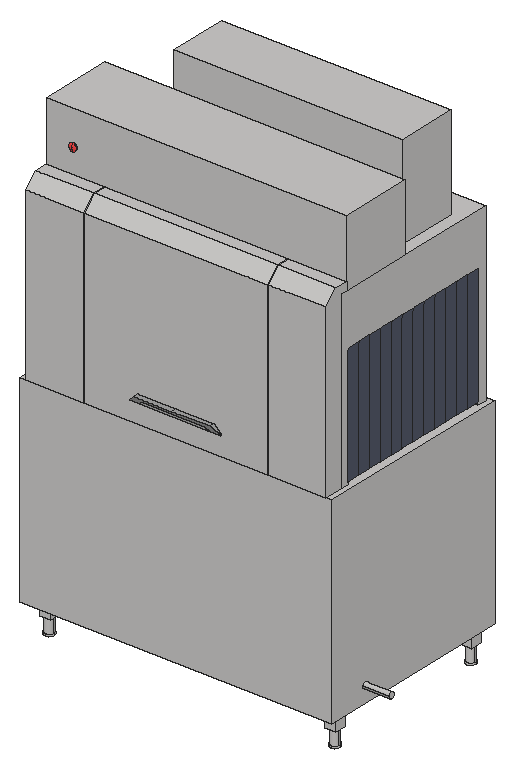
Revit family "QF_ELECTROLUXPROFESSIONAL_520427_ESR20ER3", category Specialty Equipment, Revit 2018
Family settings
  Round Connector Dimension = Use Diameter
  Part Type = Normal
  Work Plane-Based = No
  Always vertical = Yes
  Cut with Voids When Loaded = No
  Shared = No
  Room Calculation Point = No
Parameters
  Weight = 258.00 kg
  Watts = 0 W
  Volts = 0 V
  URL Manufacturer = ""
  URL = ""
  Steam Supply Size = 0 mm
  Steam Supply Minimum Pressure = 0.0 Pa
  Steam Supply Maximum Pressure = 0.0 Pa
  Steam Pounds per Hour = 0
  Show Clearance [instance] = yes
  Refrigeration Suction Line Size = 0 mm
  Refrigeration Liquid Line Size = 0 mm
  Refrigerant Compressor Remote = yes
  Manufacturer = ""
  Phase = 0
  Model = ""
  Length Actual = 1148 mm  # constant formula
  L_R [instance] = yes
  Item Number = ""
  Hot Water Size = 0 mm
  Height Actual = 1846 mm  # constant formula
  HP = "67.7 HP"
  Gas Size = 0 mm
  Gas KW = 0
  Gas Input Pressure = 0 W
  Direct Waste Size = 50.8 mm
  Description = ""
  Depth Actual = 800 mm  # constant formula
  Cycle = 0 Hz
  Condensate Return Size = 0 mm
  Compressed Air Volume = 0.0 L/s
  Compressed Air Size = 0 mm
  Compressed Air Pressure = 0.0 Pa
  Cold Water Size = 0 mm
  Accessory = yes
Types (2, lengths in mm): name | Volts | URL Manufacturer | URL | Manufacturer | Phase | Model | Item Number | Description | Cycle
  (no name) | 0 V | "" | "" | "" | 0 | "" | "" | "" | 0 Hz
  Standard | 220 V | "http://professional.electrolux.com" | "http://professional.electrolux.com" | "Electrolux Professional" | 3 | "ESR20ER3" | "520427" | "SINGLE RINSE RACK TYPE DISHWASHER,200 RACKS/HOUR,ELECTRIC,R>L,220-240V/60HZ/3" | 60 Hz
Reference planes
  plane 1 "Centro (Fronte/Retro)": y = 0
  plane 2: z = 0
  plane 3 "Centro (Sinistra/Destra)": x = 0
  plane 4 "LEFT": x = -574
  plane 5 "RIGHT": x = 574
  plane 6 "BACK": y = 384
  plane 7 "FRONT": y = -384
  plane 8: z = 120
  plane 9: z = 1747
  plane 10: z = 858
  plane 11: z = 1501
  plane 12: z = 1846
  plane 13: x = -526
  plane 14: x = 526
  plane 15: y = -290
  plane 16: y = 336
  plane 17: y = 369
  plane 18: x = -553
  plane 19: x = 553
  plane 20: y = -318
  plane 21: x = -338
  plane 22: x = 338
  plane 23: z = 1308
  plane 24: z = 2000
  plane 25: y = 464
Forms (mm)
  Extrusion 1, solid, material "QF_Finishes_Stainless Steel"
    sketch origin (0, 0, 0) x (1, 0, 0) y (0, 1, 0)
      loop
        line (-574, 384) -> (-574, -364) -> (574, -364) -> (574, 384) -> (-574, 384)
    from 120 to 858
  Extrusion 2, solid, material "QF_Finishes_Stainless Steel"
    sketch origin (0, 0, 0) x (1, 0, 0) y (0, 1, 0)
      loop
        line (-553, 369) -> (-553, -298) -> (553, -298) -> (553, 369) -> (-553, 369)
    from 858 to 1501
  Extrusion 3, solid, material "QF_Finishes_Stainless Steel"
    sketch origin (0, 20, 0) x (0, 1, 0) y (0, 0, 1)
      loop
        line (-384, 858) -> (-318, 858) -> (-318, 1501) -> (-290, 1501) -> (-290, 1531) -> (-340, 1531) -> (-384, 1487) -> (-384, 858)
    from -553 to -338
  Extrusion 4, solid, material "QF_Finishes_Stainless Steel"
    sketch origin (500, 20, 0) x (0, 1, 0) y (0, 0, 1)
      loop
        line (-384, 858) -> (-318, 858) -> (-318, 1501) -> (-290, 1501) -> (-290, 1531) -> (-340, 1531) -> (-384, 1487) -> (-384, 858)
    from -162 to 53
  Extrusion 5, solid, material "QF_Finishes_Stainless Steel"
    sketch origin (540, 20, 0) x (0, 1, 0) y (0, 0, 1)
      loop
        line (-384, 858) -> (-318, 858) -> (-318, 1501) -> (-290, 1501) -> (-290, 1531) -> (-340, 1531) -> (-384, 1487) -> (-384, 858)
    from -878 to -202
  Extrusion 6, solid, material "QF_Finishes_Gray"
    sketch origin (540, -364, 858) x (0, 0, 1) y (-1, 0, 0)
      loop
        line (100, 540) -> (100, 680) -> (71.716, 708.284) -> (71.716, 371.716) -> (100, 400) -> (100, 540)
    from 0 to 20
  Extrusion 7, void
    sketch origin (540, -384, 858) x (0, 0, -1) y (-1, 0, 0)
      loop
        line (-71.716, 670) -> (-85.858, 655.858) -> (-85.858, 540) -> (-85.858, 424.142) -> (-71.716, 410) -> (-71.716, 670)
    from 0 to 15.552
  Extrusion 8, void
    sketch origin (0, 0, 0) x (0, 1, 0) y (0, 0, 1)
      loop
        line (-368.448, 929.716) -> (-384, 958) -> (-384, 929.716) -> (-368.448, 929.716)
    from -266.002 to 250
  Extrusion 9, solid, material "QF_Finishes_Stainless Steel"
    sketch origin (0, 0, 0) x (1, 0, 0) y (0, 1, 0)
      loop
        line (-553, -270) -> (553, -270) -> (553, 0) -> (-553, 0) -> (-553, -270)
    from 1501 to 1747
  Revolve 10, solid, material "QF_Finishes_Red"
    sketch origin (-450, 0, 0) x (0, 1, 0) y (0, 0, 1)
      loop
        line (-270, 1624.5) -> (-270, 1629.5) -> (-275.578, 1629.5) -> (-275.578, 1638.673) -> (-276.708, 1638.673)
        arc (-276.708, 1638.673) -> (-279.647, 1631.859) -> (-280.606, 1624.5) r 26.817
        line (-280.606, 1624.5) -> (-270, 1624.5)
      axis (-270, 1624.5) -> (-280.606, 1624.5)
    angle from 0 to 360
  Extrusion 11, solid, material "QF_Finishes_Stainless Steel"
    sketch origin (0, 0, 0) x (1, 0, 0) y (0, 1, 0)
      loop
        line (509, 42) -> (509, 265) -> (-334, 265) -> (-334, 42) -> (509, 42)
    from 1501 to 1846
  Extrusion 12, void
    sketch origin (-553, -318, 0) x (0, -1, 0) y (0, 0, -1)
      loop
        line (-654, -1308) -> (-53, -1308) -> (-53, -858) -> (-654, -858) -> (-654, -1308)
    from 0 to 1106
  Extrusion 13, solid, material "QF_Finishes_Navy Blue"
    sketch origin (-553, -318, 0) x (0, 1, 0) y (0, 0, -1)
      loop
        line (653, -1308) -> (653, -868) -> (604, -868) -> (604, -1308) -> (653, -1308)
      loop
        line (53, -1308) -> (102, -1308) -> (102, -868) -> (53, -868) -> (53, -1308)
      loop
        line (602, -868) -> (554, -868) -> (554, -1308) -> (602, -1308) -> (602, -868)
      loop
        line (552, -868) -> (504, -868) -> (504, -1308) -> (552, -1308) -> (552, -868)
      loop
        line (502, -868) -> (454, -868) -> (454, -1308) -> (502, -1308) -> (502, -868)
      loop
        line (452, -868) -> (404, -868) -> (404, -1308) -> (452, -1308) -> (452, -868)
      loop
        line (402, -868) -> (354, -868) -> (354, -1308) -> (402, -1308) -> (402, -868)
      loop
        line (352, -868) -> (304, -868) -> (304, -1308) -> (352, -1308) -> (352, -868)
      loop
        line (302, -868) -> (254, -868) -> (254, -1308) -> (302, -1308) -> (302, -868)
      loop
        line (252, -868) -> (204, -868) -> (204, -1308) -> (252, -1308) -> (252, -868)
      loop
        line (202, -868) -> (154, -868) -> (154, -1308) -> (202, -1308) -> (202, -868)
      loop
        line (152, -868) -> (104, -868) -> (104, -1308) -> (152, -1308) -> (152, -868)
    from 0 to -3
  Extrusion 14, solid, material "QF_Finishes_Navy Blue"
    sketch origin (553, -318, 0) x (0, 1, 0) y (0, 0, 1)
      loop
        line (653, 1308) -> (604, 1308) -> (604, 868) -> (653, 868) -> (653, 1308)
      loop
        line (53, 1308) -> (53, 868) -> (102, 868) -> (102, 1308) -> (53, 1308)
      loop
        line (602, 868) -> (602, 1308) -> (554, 1308) -> (554, 868) -> (602, 868)
      loop
        line (552, 868) -> (552, 1308) -> (504, 1308) -> (504, 868) -> (552, 868)
      loop
        line (502, 868) -> (502, 1308) -> (454, 1308) -> (454, 868) -> (502, 868)
      loop
        line (452, 868) -> (452, 1308) -> (404, 1308) -> (404, 868) -> (452, 868)
      loop
        line (402, 868) -> (402, 1308) -> (354, 1308) -> (354, 868) -> (402, 868)
      loop
        line (352, 868) -> (352, 1308) -> (304, 1308) -> (304, 868) -> (352, 868)
      loop
        line (302, 868) -> (302, 1308) -> (254, 1308) -> (254, 868) -> (302, 868)
      loop
        line (252, 868) -> (252, 1308) -> (204, 1308) -> (204, 868) -> (252, 868)
      loop
        line (202, 868) -> (202, 1308) -> (154, 1308) -> (154, 868) -> (202, 868)
      loop
        line (152, 868) -> (152, 1308) -> (104, 1308) -> (104, 868) -> (152, 868)
    from 0 to -3
  Extrusion 15, solid, material "QF_Door-Drawer Clearances", visible <- "Show Clearance", detail levels coarse
    sketch origin (453, -119.301, 494.86) x (0, 1, 0) y (0, 0, 1)
      loop
        line (-178.699, 1036.14) -> (-178.699, 1475.14) -> (-150.699, 1475.14) -> (-150.699, 1505.14) -> (-200.699, 1505.14) -> (-244.699, 1461.14) -> (-244.699, 992.14) -> (-200.699, 1036.14) -> (-178.699, 1036.14)
    from -791 to -115
  Extrusion 16, solid, material "QF_Clearance", visible <- "Show Clearance", detail levels coarse
    sketch origin (0, 0, 0) x (1, 0, 0) y (0, 1, 0)
      loop
        line (-574, 384) -> (574, 384) -> (574, 464) -> (-574, 464) -> (-574, 384)
    from 0 to 1846
  Extrusion 17, solid, material "QF_Finishes_Stainless Steel"
    sketch origin (-553, -318, 0) x (0, 1, 0) y (0, 0, -1)
      loop
        circle (104, -183) r 10
    from 21 to 121
  Extrusion 18, solid, material "QF_Finishes_Stainless Steel"
    sketch origin (553, -318, 0) x (0, 1, 0) y (0, 0, 1)
      loop
        circle (104, 183) r 10
    from 21 to 121
  Extrusion 19, solid, material "QF_Finishes_Stainless Steel"
    sketch origin (487.887, 0, -4.4) x (-1, 0, 0) y (0, 0, 1)
      loop
        circle (943.887, 1646.362) r 10
    from 0 to 35
  Extrusion 20, solid, material "QF_Finishes_Stainless Steel"
    sketch origin (-335, 265, 6.038) x (1, 0, 0) y (0, 0, -1)
      loop
        circle (204, -1740.962) r 10
    from 0 to 10
Cuts and joins
  Extrusion 7, Extrusion 12 cuts Extrusion 2
  Extrusion 7 cuts Extrusion 5
  Extrusion 7, Extrusion 8 cuts Extrusion 6
  Extrusion 12 cuts Extrusion 1
Lines and regions (mm)
  Split face 1
    outline origin (-553, -270, 0) x (1, 0, 0) y (0, 0, 1)
      loop
        line (215, 1501) -> (215, 1747)
      loop
        line (891, 1501) -> (891, 1747)
  Split face 2
    outline origin (-553, -270, 0) x (1, 0, 0) y (0, 0, 1)
      loop
        line (215, 1651) -> (310, 1651) -> (348.837, 1604.716) -> (553, 1604.716) -> (757.163, 1604.716) -> (796, 1651) -> (891, 1651)
  Split face 3
    outline origin (-553, -270, 0) x (1, 0, 0) y (0, 0, 1)
      loop
        line (482.982, 1651) -> (482.982, 1631) -> (512.982, 1631) -> (512.982, 1651) -> (482.982, 1651)
  Split face 4
    outline origin (553, -270, 0) x (-1, 0, 0) y (0, 0, -1)
      loop
        line (455.982, -1651) -> (485.982, -1651) -> (485.982, -1631) -> (455.982, -1631) -> (455.982, -1651)
  symbolic lines
    curve 1: line (-334, 265, 0) -> (509, 265, 0)
    curve 2: line (-334, 42, 0) -> (-334, 265, 0)
    curve 3: line (509, 42, 0) -> (-334, 42, 0)
    curve 4: line (509, 265, 0) -> (509, 42, 0)
    curve 5: line (-574, 384, 0) -> (574, 384, 0)
    curve 6: line (574, 384, 0) -> (574, -364, 0)
    curve 7: line (574, -364, 0) -> (-574, -364, 0)
    curve 8: line (-574, -364, 0) -> (-574, 384, 0)
    curve 9: line (-553, -364, 0) -> (-553, 369, 0)
    curve 10: line (-553, 369, 0) -> (553, 369, 0)
    curve 11: line (553, 369, 0) -> (553, -364, 0)
    curve 12: line (553, -320, 0) -> (-553, -320, 0)
    curve 13: line (-338, -364, 0) -> (-338, -270, 0)
    curve 14: line (-553, -270, 0) -> (553, -270, 0)
    curve 15: line (338, -364, 0) -> (338, -270, 0)
    curve 16: line (526, 0, 0) -> (-553, 0, 0)
    curve 23: line (-168.284, -364, 0) -> (-168.284, -368.448, 0)
    curve 24: line (-168.284, -368.448, 0) -> (-140, -384, 0)
    curve 25: line (-140, -384, 0) -> (140, -384, 0)
    curve 26: line (140, -384, 0) -> (168.284, -368.448, 0)
    curve 27: line (168.284, -368.448, 0) -> (168.284, -364, 0)
  symbolic lines, style "QF_Clearances"
    curve 17: line (-574, 384, 0) -> (-574, 464, 0)
    curve 18: line (-574, 464, 0) -> (574, 464, 0)
    curve 19: line (574, 384, 0) -> (574, 464, 0)
  symbolic lines, style "SpecialityEquipment"
    curve 20: line (-100, 129, 0) -> (100, 129, 0)
  symbolic lines, style "SpecialityEquipment", visible <- "L_R"
    curve 21: line (-100, 129, 0) -> (-50.207, 87.219, 0)
    curve 22: line (-100, 129, 0) -> (-50.207, 170.781, 0)
Dimensions and locks
  equal spacing: plane 4 "LEFT", plane 3 "Centro (Sinistra/Destra)", plane 5 "RIGHT"
  plane 4 "LEFT" to plane 5 "RIGHT" = 1148 mm
  equal spacing: plane 6 "BACK", plane 1 "Centro (Fronte/Retro)", plane 7 "FRONT"
  plane 6 "BACK" to plane 7 "FRONT" = 768 mm
  plane 12 to plane 9 to plane 11 to plane 10 to plane 8 to plane 2 = 99 mm, 246 mm, 643 mm, 738 mm, 120 mm
  plane 12 to plane 2 = 1846 mm
  locked: plane 4 "LEFT" to plane 13 at 48
  locked: plane 14 to plane 5 "RIGHT" at 48
  locked: plane 6 "BACK" to plane 16 at 48
  locked: plane 15 to plane 7 "FRONT" at 94
  locked: plane 6 "BACK" to plane 17 at 15
  locked: plane 4 "LEFT" to plane 18 at 21
  locked: plane 19 to plane 5 "RIGHT" at 21
  locked: plane 20 to plane 7 "FRONT" at 66
  locked: plane 21 to plane 18 at 215
  locked: plane 19 to plane 22 at 215
  locked: plane 23 to plane 10 at 450
  plane 24 to plane 2 = 2000 mm
  locked: plane 6 "BACK" to plane 25 at 80
  plane 9 to plane 2 = 1747 mm
  aligned and locked: level to plane 2
  aligned and locked: plane 13 to nested 1
  aligned and locked: nested 1 to plane 15
  aligned and locked: nested 2 to plane 16
  aligned and locked: plane 14 to nested 3
  aligned and locked: nested 4 to plane 16
  aligned and locked: plane 14 to nested 4
  aligned and locked: Extrusion 1 sketch curve to plane 6 "BACK"
  aligned and locked: plane 4 "LEFT" to Extrusion 1 sketch curve
  aligned and locked: Extrusion 1 sketch curve to plane 5 "RIGHT"
  aligned and locked: plane 18 to Extrusion 2 sketch curve
  aligned and locked: Extrusion 2 sketch curve to plane 19
  aligned and locked: Extrusion 2 sketch curve to plane 17
  aligned and locked: Extrusion 3 to plane 18
  aligned and locked: plane 21 to Extrusion 3
  aligned and locked: plane 19 to Extrusion 4
  aligned and locked: Extrusion 4 to plane 22
  aligned and locked: Extrusion 5 to plane 21
  aligned and locked: plane 22 to Extrusion 5
  aligned and locked: Extrusion 2 to Extrusion 3
  aligned and locked: Extrusion 1 to Extrusion 3
  aligned and locked: Extrusion 9 sketch curve to Extrusion 3
  aligned and locked: Extrusion 9 sketch curve to plane 18
  aligned and locked: Extrusion 9 sketch curve to plane 1 "Centro (Fronte/Retro)"
  aligned and locked: plane 19 to Extrusion 12
  aligned and locked: plane 4 "LEFT" to Extrusion 17
  aligned and locked: plane 19 to Extrusion 9
  aligned and locked: Extrusion 16 to plane 25
  aligned and locked: plane 9 to Extrusion 9
Automatic sketch dimensions
  plane 7 "FRONT" to Extrusion 1 sketch curve = 20 mm
  Extrusion 2 sketch curve to plane 15 = 8 mm
  Extrusion 3 sketch curve to plane 10 = 0 mm
  Extrusion 3 sketch curve to plane 11 = 0 mm
  plane 7 "FRONT" to Extrusion 3 sketch curve = 20 mm
  Extrusion 3 sketch curve to plane 20 = 2 mm
  Extrusion 3 sketch curve to plane 15 = 8 mm
  plane 15 to Extrusion 3 sketch curve = 20 mm
  Extrusion 3 sketch curve to plane 11 = 14 mm
  plane 11 to Extrusion 3 sketch curve = 30 mm
  Extrusion 4 sketch curve to plane 10 = 0 mm
  Extrusion 4 sketch curve to plane 11 = 0 mm
  plane 7 "FRONT" to Extrusion 4 sketch curve = 20 mm
  Extrusion 4 sketch curve to plane 20 = 2 mm
  Extrusion 4 sketch curve to plane 15 = 8 mm
  plane 15 to Extrusion 4 sketch curve = 20 mm
  Extrusion 4 sketch curve to plane 11 = 14 mm
  plane 11 to Extrusion 4 sketch curve = 30 mm
  Extrusion 5 sketch curve to plane 10 = 0 mm
  Extrusion 5 sketch curve to plane 11 = 0 mm
  plane 7 "FRONT" to Extrusion 5 sketch curve = 20 mm
  Extrusion 5 sketch curve to plane 20 = 2 mm
  Extrusion 5 sketch curve to plane 15 = 8 mm
  plane 15 to Extrusion 5 sketch curve = 20 mm
  Extrusion 5 sketch curve to plane 11 = 14 mm
  plane 11 to Extrusion 5 sketch curve = 30 mm
  Extrusion 6 sketch curve to plane 3 "Centro (Sinistra/Destra)" = 0 mm
  plane 10 to Extrusion 6 sketch curve = 71.716 mm
  Extrusion 6 sketch curve to Extrusion 6 sketch curve = 28.284 mm  (x3)
  plane 3 "Centro (Sinistra/Destra)" to Extrusion 6 sketch curve = 140 mm
  Extrusion 6 sketch curve to Extrusion 6 sketch curve = 140 mm
  Extrusion 7 sketch curve to Extrusion 6 = 0 mm
  Extrusion 6 to Extrusion 7 sketch curve = 14.142 mm
  Extrusion 6 to Extrusion 7 sketch curve = 27.071 mm
  Extrusion 7 sketch curve to Extrusion 7 sketch curve = 14.142 mm  (x2)
  Extrusion 7 sketch curve to Extrusion 7 sketch curve = 115.858 mm  (x2)
  Extrusion 8 sketch curve to plane 7 "FRONT" = 0 mm
  plane 7 "FRONT" to Extrusion 8 sketch curve = 15.552 mm
  plane 10 to Extrusion 8 sketch curve = 71.716 mm
  Extrusion 8 sketch curve to Extrusion 8 sketch curve = 28.284 mm
  Extrusion 9 sketch curve to plane 19 = 0 mm
  Split face 1 sketch curve to Extrusion 9 = 0 mm  (x4)
  Split face 1 sketch curve to Extrusion 9 = 215 mm  (x2)
  Split face 2 sketch curve to Extrusion 9 = 96 mm  (x2)
  Split face 2 sketch curve to Extrusion 9 = 310 mm
  Split face 2 sketch curve to Split face 2 sketch curve = 38.837 mm  (x2)
  Split face 2 sketch curve to Split face 2 sketch curve = 204.163 mm  (x2)
  Split face 2 sketch curve to Extrusion 9 = 103.716 mm
  Split face 2 sketch curve to Split face 2 sketch curve = 95 mm  (x2)
  Split face 3 sketch curve to Extrusion 9 = 116 mm
  Split face 3 sketch curve to Extrusion 9 = 482.982 mm
  Split face 3 sketch curve to Split face 3 sketch curve = 30 mm
  Split face 3 sketch curve to Split face 3 sketch curve = 20 mm
  Split face 4 sketch curve to Extrusion 9 = 116 mm
  Split face 4 sketch curve to Extrusion 9 = 455.982 mm
  Split face 4 sketch curve to Split face 4 sketch curve = 30 mm
  Split face 4 sketch curve to Split face 4 sketch curve = 20 mm
  plane 15 to Revolve 10 sketch curve = 9.394 mm
  plane 15 to Revolve 10 sketch curve = 13.292 mm
  Revolve 10 sketch curve to Revolve 10 sketch curve = 5.028 mm
  Revolve 10 sketch curve to Revolve 10 sketch curve = 5.578 mm
  Revolve 10 sketch curve to Revolve 10 sketch curve = 16.21 mm
  Revolve 10 sketch curve to plane 9 = 122.5 mm  (x2)
  Revolve 10 sketch curve to Revolve 10 sketch curve = 0.248 mm
  Revolve 10 sketch curve to Revolve 10 sketch curve = 5 mm
  Revolve 10 sketch curve to plane 7 "FRONT" = 66 mm
  Revolve 10 sketch curve to Revolve 10 sketch curve = 0 mm
  plane 21 to Extrusion 11 sketch curve = 4 mm
  Extrusion 11 sketch curve to plane 14 = 17 mm
  Extrusion 11 sketch curve to plane 1 "Centro (Fronte/Retro)" = 42 mm
  Extrusion 11 sketch curve to plane 16 = 71 mm
  Extrusion 2 to Extrusion 12 sketch curve = 0 mm
  Extrusion 12 sketch curve to Extrusion 2 = 33 mm
  Extrusion 2 to Extrusion 12 sketch curve = 33 mm
  Extrusion 12 sketch curve to Extrusion 2 = 193 mm
  Extrusion 2 to Extrusion 13 sketch curve = 10 mm  (x9)
  Extrusion 13 sketch curve to Extrusion 2 = 33 mm
  Extrusion 13 sketch curve to Extrusion 13 sketch curve = 49 mm
  Extrusion 13 sketch curve to Extrusion 13 sketch curve = 2 mm  (x11)
  Extrusion 13 sketch curve to Extrusion 13 sketch curve = 48 mm  (x10)
  Extrusion 2 to Extrusion 13 sketch curve = 34 mm
  Extrusion 13 sketch curve to Extrusion 13 sketch curve = 0 mm  (x13)
  Extrusion 2 to Extrusion 13 sketch curve = 193 mm  (x2)
  Extrusion 14 sketch curve to plane 23 = 0 mm  (x12)
  plane 10 to Extrusion 14 sketch curve = 10 mm  (x9)
  plane 15 to Extrusion 14 sketch curve = 25 mm
  Extrusion 14 sketch curve to Extrusion 14 sketch curve = 49 mm
  Extrusion 14 sketch curve to Extrusion 14 sketch curve = 2 mm  (x11)
  Extrusion 14 sketch curve to Extrusion 14 sketch curve = 48 mm  (x8)
  plane 1 "Centro (Fronte/Retro)" to Extrusion 14 sketch curve = 16 mm
  Extrusion 14 sketch curve to plane 1 "Centro (Fronte/Retro)" = 34 mm
  Extrusion 14 sketch curve to plane 16 = 1 mm
  Extrusion 14 sketch curve to Extrusion 14 sketch curve = 0 mm  (x3)
  Extrusion 15 sketch curve to plane 24 = 0 mm
  plane 7 "FRONT" to Extrusion 15 sketch curve = 20 mm
  Extrusion 15 sketch curve to plane 20 = 2 mm  (x2)
  Extrusion 15 sketch curve to plane 15 = 8 mm
  plane 15 to Extrusion 15 sketch curve = 20 mm
  Extrusion 15 sketch curve to plane 24 = 30 mm
  Extrusion 15 sketch curve to plane 24 = 44 mm
  plane 11 to Extrusion 15 sketch curve = 30 mm
  Extrusion 15 sketch curve to plane 11 = 14 mm
  Extrusion 16 sketch curve to plane 4 "LEFT" = 0 mm
  Extrusion 16 sketch curve to plane 5 "RIGHT" = 0 mm
  Extrusion 16 sketch curve to plane 6 "BACK" = 0 mm
  plane 25 to Extrusion 16 sketch curve = 0 mm
  Extrusion 17 sketch curve to Extrusion 2 = 84 mm
  Extrusion 17 sketch curve to Extrusion 2 = 675 mm
  plane 15 to Extrusion 18 sketch curve = 76 mm
  plane 8 to Extrusion 18 sketch curve = 63 mm
  plane 13 to Extrusion 19 sketch curve = 70 mm
  Extrusion 19 sketch curve to plane 9 = 105.038 mm
  Extrusion 11 to Extrusion 20 sketch curve = 99 mm
  Extrusion 20 sketch curve to Extrusion 11 = 203 mm
  curve 18 to plane 4 "LEFT" = 0 mm
  curve 12 to plane 18 = 0 mm
  curve 13 to plane 21 = 0 mm
  curve 24 to plane 7 "FRONT" = 0 mm
  curve 15 to plane 22 = 0 mm
  plane 1 "Centro (Fronte/Retro)" to curve 16 = 0 mm
  curve 16 to plane 14 = 0 mm
  plane 17 to curve 11 = 0 mm
  curve 11 to plane 19 = 0 mm
  curve 5 to plane 5 "RIGHT" = 0 mm
  curve 5 to plane 6 "BACK" = 0 mm
  plane 25 to curve 18 = 0 mm
  plane 21 to curve 2 = 4 mm
  plane 7 "FRONT" to curve 24 = 15.552 mm
  curve 24 to plane 3 "Centro (Sinistra/Destra)" = 168.284 mm
  curve 23 to curve 24 = 28.284 mm
  curve 22 to plane 3 "Centro (Sinistra/Destra)" = 100 mm
  plane 3 "Centro (Sinistra/Destra)" to curve 25 = 140 mm
  curve 4 to plane 14 = 17 mm
  curve 2 to plane 1 "Centro (Fronte/Retro)" = 42 mm
  curve 22 to plane 1 "Centro (Fronte/Retro)" = 129 mm
  curve 1 to plane 16 = 71 mm
  curve 22 to plane 3 "Centro (Sinistra/Destra)" = 50.207 mm
  curve 21 to plane 3 "Centro (Sinistra/Destra)" = 50.207 mm
  plane 3 "Centro (Sinistra/Destra)" to curve 20 = 100 mm
  curve 25 to curve 27 = 28.284 mm
  plane 7 "FRONT" to curve 26 = 15.552 mm
  curve 26 to curve 27 = 4.448 mm
  curve 12 to plane 20 = 2 mm
  plane 15 to curve 15 = 20 mm
  curve 21 to curve 20 = 41.781 mm
  curve 20 to curve 22 = 41.781 mm
  radius of Extrusion 17 sketch curve = 10 mm
  radius of Extrusion 18 sketch curve = 10 mm
  radius of Extrusion 19 sketch curve = 10 mm
  radius of Extrusion 20 sketch curve = 10 mm
Nested families
  nested 1: "Foot_40x40_H150" at (-526, -290, 0), type "Foot_40x40_H150"
  nested 2: "Foot_40x40_H150" at (-526, 336, 0), type "Foot_40x40_H150"
  nested 3: "Foot_40x40_H150" at (526, -290, 0), type "Foot_40x40_H150"
  nested 4: "Foot_40x40_H150" at (526, 336, 0), type "Foot_40x40_H150"
Connectors
  piping at (-674, -214, 183), diameter 20
    settings: on Extrusion 17, index 1, connector inside diameter 609.6 mm, connector length 0 mm, flow factor 0, pipe flow 0.0 L/s, pressure drop 0.0 Pa, fitting loss kfactor 0, connector angle 0.00°, fixture units 0, engagement length 0 mm, angle of deflection 0.00°, flow configuration 1, flow direction 2, fitting loss method 0, system type 16, joint type 0, gender type 0, connector reference index -1, connector utility 0, adjustable connector no, is connector primary yes, connector description "Drain"
  piping at (674, -214, 183), diameter 20
    settings: on Extrusion 18, index 2, connector inside diameter 609.6 mm, connector length 0 mm, flow factor 0, pipe flow 0.0 L/s, pressure drop 0.0 Pa, fitting loss kfactor 0, connector angle 0.00°, fixture units 0, engagement length 0 mm, angle of deflection 0.00°, flow configuration 1, flow direction 2, fitting loss method 0, system type 16, joint type 0, gender type 0, connector reference index -1, connector utility 0, adjustable connector no, is connector primary no, connector description "Drain"
  electrical at (-456, 35, 1641.962)
    settings: on Extrusion 19, index 3, voltage 0 V, apparent load 0 VA, apparent load phase1 0 VA, apparent load phase2 0 VA, apparent load phase3 0 VA, power factor 1, load classification "Altro", number of poles 1, system type 30, power factor state 1, is connector primary yes, connector utility no, sub classification motor no, connector description "Electrical"
  piping at (-131, 275, 1747), diameter 609.6
    settings: on Extrusion 20, index 4, connector inside diameter 609.6 mm, connector length 0 mm, flow factor 0, pipe flow 0.0 L/s, pressure drop 0.0 Pa, fitting loss kfactor 0, connector angle 0.00°, fixture units 0, engagement length 0 mm, angle of deflection 0.00°, flow configuration 0, flow direction 0, fitting loss method 0, system type 20, joint type 0, gender type 0, connector reference index -1, connector utility 0, adjustable connector no, is connector primary no, connector description "Cold Water"
Definition of nested family "Foot_40x40_H150"
  Reference planes
    plane 1 "Centro (Fronte/Retro)": y = 0
    plane 2: z = 0
    plane 3 "Centro (Sinistra/Destra)": x = 0
    plane 4: z = 120
  Forms (mm)
    Extrusion 1, solid
      sketch origin (0, 0, 0) x (1, 0, 0) y (0, 1, 0)
        loop
          circle (0, 0) r 18
      from 0 to 5
    Extrusion 2, solid
      sketch origin (0, 0, 5) x (1, 0, 0) y (0, 1, 0)
        loop
          circle (0, 0) r 15
      from 0 to 55
    Extrusion 3, solid
      sketch origin (0, 0, 60) x (1, 0, 0) y (0, 1, 0)
        loop
          line (-20, 20) -> (-20, -20) -> (20, -20) -> (20, 20) -> (-20, 20)
      from 0 to 60
  Dimensions and locks
    aligned and locked: level to plane 2
    aligned and locked: plane 4 to Extrusion 3
    aligned and locked: Extrusion 1 to level
